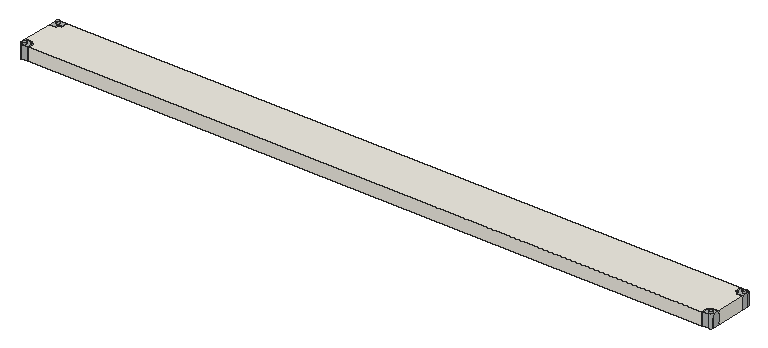
Revit family "HIGHTECH", category Осветительные приборы, Revit 2019 (continued)
Types (32, lengths in mm): name | Файл фотометрической сетки | built-in parameter 1150105 | Lumens | built-in parameter 1150106 | built-in parameter 1150142 | Wattage | Emit from Rectangle Width | Emit from Rectangle Length | Длина | Ширина | ADSK_Ток | ADSK_Полная мощность | ADSK_Обозначение | ADSK_Номинальная мощность | ADSK_Наименование | ADSK_Масса | ADSK_Код изделия
  Hightech-50/opal-sand 595х595 (IP40, 4000К, белый) | "Светильник HIGHTECH-50 OPAL-SAND-(595x595).IES" | 405.85 (stored number, unit not read) | 5100 lm | 4.0585 (stored number, unit not read) | "IESNA:LM-63-95\r\n[TEST] Протокол № 50-14\r\n[DATA] 15.06.2016\r\n[MORE] \r\n[MANUFAC] ЗАО \"Центрстройсвет\"\r\n[LUMCAT]  Светильник HIGHTECH-50/OPAL-SAND-(595x595)\r\n[LUMINAIRE]\r\n[LAMPCAT] Светодиоды\r\n[LAMP] Поток источника света (светодиодов) не известен\r\n[MORE] КСС приведена в абсолютных величинах кд\r\n[MORE] Вместо потока лампы, указан поток светильника.\r\nTILT=NONE\r\n1    5060 1.0 37 73 1 2 0.595 0.595 0.04\r\n1.0 1.0 50.3\r\n0.0 5.0 10.0 15.0 20.0 25.0 30.0 35.0 40.0 45.0 50.0 55.0 60.0 65.0 70.0 75.0 80.0 85.0 90.0 95.0 100.0 105.0 110.0 115.0 120.0 125.0 130.0 135.0 140.0 145.0 150.0 155.0 160.0 165.0 170.0 175.0 180.0\r\n0.0 5.0 10.0 15.0 20.0 25.0 30.0 35.0 40.0 45.0 50.0 55.0 60.0 65.0 70.0 75.0 80.0 85.0 90.0 95.0 100.0 105.0 110.0 115.0 120.0 125.0 130.0 135.0 140.0 145.0 150.0 155.0 160.0 165.0 170.0 175.0 180.0 185.0 190.0 195.0 200.0 205.0 210.0 215.0 220.0 225.0 230.0 235.0 240.0 245.0 250.0 255.0 260.0 265.0 270.0 275.0 280.0 285.0 290.0 295.0 300.0 305.0 310.0 315.0 320.0 325.0 330.0 335.0 340.0 345.0 350.0 355.0 360.0\r\n1887.5 1882.3 1843.4 1792.0 1724.0 1631.5 1531.1 1419.3 1293.7 1161.5 1026.7 886.8 740.0 595.0 455.2 319.9 194.6 81.1 4.9 0.0 0.0 0.0 0.0 0.0 0.0 0.0 0.0 0.0 0.0 0.0 0.0 0.0 0.0 0.0 0.0 0.0 0.0\r\n1887.5 1882.9 1846.0 1797.8 1725.1 1630.8 1538.9 1418.0 1289.1 1162.9 1024.5 883.4 740.5 598.7 455.8 320.4 195.7 82.0 5.0 0.0 0.0 0.0 0.0 0.0 0.0 0.0 0.0 0.0 0.0 0.0 0.0 0.0 0.0 0.0 0.0 0.0 0.0\r\n1887.5 1884.1 1849.8 1793.9 1724.1 1633.5 1538.1 1421.4 1298.2 1165.1 1027.4 885.2 742.6 599.8 457.4 322.3 197.1 83.7 5.4 0.0 0.0 0.0 0.0 0.0 0.0 0.0 0.0 0.0 0.0 0.0 0.0 0.0 0.0 0.0 0.0 0.0 0.0\r\n1887.5 1885.6 1850.0 1796.3 1725.8 1632.2 1533.7 1422.0 1295.8 1167.8 1030.8 886.1 743.6 597.9 459.5 322.2 196.9 83.7 5.4 0.0 0.0 0.0 0.0 0.0 0.0 0.0 0.0 0.0 0.0 0.0 0.0 0.0 0.0 0.0 0.0 0.0 0.0\r\n1887.5 1886.5 1849.9 1795.8 1721.4 1639.6 1534.8 1418.0 1296.4 1168.3 1027.2 886.6 744.0 600.2 457.7 323.1 197.0 84.2 5.3 0.0 0.0 0.0 0.0 0.0 0.0 0.0 0.0 0.0 0.0 0.0 0.0 0.0 0.0 0.0 0.0 0.0 0.0\r\n1887.5 1885.6 1848.0 1795.1 1728.2 1636.1 1537.7 1424.4 1296.7 1163.9 1028.1 885.4 746.1 599.2 456.9 323.0 198.1 84.6 6.1 0.0 0.0 0.0 0.0 0.0 0.0 0.0 0.0 0.0 0.0 0.0 0.0 0.0 0.0 0.0 0.0 0.0 0.0\r\n1887.5 1884.2 1849.8 1792.9 1722.3 1637.3 1537.3 1423.8 1299.0 1162.9 1028.1 889.2 746.4 599.2 458.6 325.2 198.7 85.0 6.5 0.0 0.0 0.0 0.0 0.0 0.0 0.0 0.0 0.0 0.0 0.0 0.0 0.0 0.0 0.0 0.0 0.0 0.0\r\n1887.5 1884.0 1850.9 1800.1 1725.4 1633.0 1534.3 1421.2 1294.0 1160.9 1028.3 886.0 747.4 600.7 459.7 325.6 199.2 86.0 6.2 0.0 0.0 0.0 0.0 0.0 0.0 0.0 0.0 0.0 0.0 0.0 0.0 0.0 0.0 0.0 0.0 0.0 0.0\r\n1887.5 1884.0 1850.4 1799.2 1722.9 1634.9 1528.6 1423.0 1298.2 1162.3 1032.0 888.7 743.9 600.7 461.8 326.2 199.2 86.6 6.1 0.0 0.0 0.0 0.0 0.0 0.0 0.0 0.0 0.0 0.0 0.0 0.0 0.0 0.0 0.0 0.0 0.0 0.0\r\n1887.5 1883.3 1848.8 1801.0 1723.6 1638.0 1538.5 1425.1 1297.5 1166.1 1029.5 886.1 746.3 605.4 461.8 326.3 201.2 87.0 6.2 0.0 0.0 0.0 0.0 0.0 0.0 0.0 0.0 0.0 0.0 0.0 0.0 0.0 0.0 0.0 0.0 0.0 0.0\r\n1887.5 1883.3 1850.6 1797.3 1725.8 1637.1 1533.1 1417.5 1298.3 1167.1 1027.2 888.0 746.2 603.2 463.6 327.0 201.7 88.1 6.5 0.0 0.0 0.0 0.0 0.0 0.0 0.0 0.0 0.0 0.0 0.0 0.0 0.0 0.0 0.0 0.0 0.0 0.0\r\n1887.5 1883.7 1849.0 1797.7 1720.9 1638.5 1535.3 1424.4 1299.6 1168.5 1035.4 889.6 749.8 603.4 465.3 328.4 201.8 88.8 7.0 0.0 0.0 0.0 0.0 0.0 0.0 0.0 0.0 0.0 0.0 0.0 0.0 0.0 0.0 0.0 0.0 0.0 0.0\r\n1887.5 1883.1 1852.7 1797.3 1728.6 1639.3 1538.4 1423.7 1303.2 1168.1 1029.2 892.4 748.1 605.8 464.0 329.6 202.9 89.8 7.0 0.0 0.0 0.0 0.0 0.0 0.0 0.0 0.0 0.0 0.0 0.0 0.0 0.0 0.0 0.0 0.0 0.0 0.0\r\n1887.5 1881.9 1853.7 1798.9 1724.8 1637.5 1543.5 1423.8 1299.9 1170.3 1024.3 891.2 751.8 607.8 466.0 330.6 204.5 90.0 7.3 0.0 0.0 0.0 0.0 0.0 0.0 0.0 0.0 0.0 0.0 0.0 0.0 0.0 0.0 0.0 0.0 0.0 0.0\r\n1887.5 1881.8 1854.7 1797.4 1729.6 1638.4 1538.7 1420.0 1302.3 1168.1 1034.9 892.9 749.2 609.3 467.3 330.5 205.3 90.4 7.7 0.0 0.0 0.0 0.0 0.0 0.0 0.0 0.0 0.0 0.0 0.0 0.0 0.0 0.0 0.0 0.0 0.0 0.0\r\n1887.5 1882.8 1852.5 1798.1 1725.4 1641.5 1535.9 1424.2 1305.0 1168.3 1036.9 895.1 752.7 610.0 468.0 330.8 206.4 91.1 7.9 0.0 0.0 0.0 0.0 0.0 0.0 0.0 0.0 0.0 0.0 0.0 0.0 0.0 0.0 0.0 0.0 0.0 0.0\r\n1887.5 1883.6 1853.4 1797.0 1722.9 1639.1 1537.8 1429.0 1302.2 1172.5 1035.6 896.5 751.3 608.9 469.2 331.4 207.3 92.2 8.2 0.0 0.0 0.0 0.0 0.0 0.0 0.0 0.0 0.0 0.0 0.0 0.0 0.0 0.0 0.0 0.0 0.0 0.0\r\n1887.5 1883.6 1850.7 1797.3 1726.9 1643.9 1542.2 1421.1 1302.3 1173.9 1036.7 893.3 752.7 610.7 470.3 331.8 207.5 92.8 8.4 0.0 0.0 0.0 0.0 0.0 0.0 0.0 0.0 0.0 0.0 0.0 0.0 0.0 0.0 0.0 0.0 0.0 0.0\r\n1887.5 1883.8 1850.5 1796.3 1728.7 1637.1 1539.6 1426.0 1310.2 1175.1 1036.5 895.8 754.0 609.7 469.6 332.7 208.2 93.1 8.5 0.0 0.0 0.0 0.0 0.0 0.0 0.0 0.0 0.0 0.0 0.0 0.0 0.0 0.0 0.0 0.0 0.0 0.0\r\n1887.5 1884.5 1848.7 1798.4 1728.4 1643.0 1541.1 1424.4 1306.1 1175.6 1035.2 895.7 753.2 610.0 470.1 333.6 209.0 93.8 8.7 0.0 0.0 0.0 0.0 0.0 0.0 0.0 0.0 0.0 0.0 0.0 0.0 0.0 0.0 0.0 0.0 0.0 0.0\r\n1887.5 1885.1 1846.5 1798.1 1728.3 1640.7 1538.4 1422.5 1302.2 1173.0 1035.2 900.5 754.9 610.9 470.6 333.2 208.6 94.1 8.3 0.0 0.0 0.0 0.0 0.0 0.0 0.0 0.0 0.0 0.0 0.0 0.0 0.0 0.0 0.0 0.0 0.0 0.0\r\n1887.5 1884.8 1851.0 1798.1 1730.2 1643.2 1541.6 1426.4 1303.3 1176.2 1035.7 896.2 754.5 612.8 472.6 334.1 209.1 94.5 8.3 0.0 0.0 0.0 0.0 0.0 0.0 0.0 0.0 0.0 0.0 0.0 0.0 0.0 0.0 0.0 0.0 0.0 0.0\r\n1887.5 1884.2 1851.7 1798.5 1729.5 1639.1 1536.0 1425.2 1302.7 1175.5 1036.5 898.0 758.2 612.7 468.9 335.3 208.8 94.8 9.1 0.0 0.0 0.0 0.0 0.0 0.0 0.0 0.0 0.0 0.0 0.0 0.0 0.0 0.0 0.0 0.0 0.0 0.0\r\n1887.5 1883.1 1853.9 1797.7 1724.9 1639.7 1541.8 1430.1 1304.9 1168.5 1037.8 897.4 754.1 610.4 472.0 334.6 209.1 95.3 8.8 0.0 0.0 0.0 0.0 0.0 0.0 0.0 0.0 0.0 0.0 0.0 0.0 0.0 0.0 0.0 0.0 0.0 0.0\r\n1887.5 1881.5 1850.2 1795.2 1729.7 1647.3 1540.3 1425.3 1308.1 1174.1 1040.2 896.3 755.4 612.5 470.5 335.6 209.7 95.4 8.7 0.0 0.0 0.0 0.0 0.0 0.0 0.0 0.0 0.0 0.0 0.0 0.0 0.0 0.0 0.0 0.0 0.0 0.0\r\n1887.5 1880.4 1847.4 1795.8 1726.1 1638.7 1541.7 1429.3 1302.6 1175.9 1038.5 897.9 751.3 611.6 471.1 335.6 209.6 95.3 9.2 0.0 0.0 0.0 0.0 0.0 0.0 0.0 0.0 0.0 0.0 0.0 0.0 0.0 0.0 0.0 0.0 0.0 0.0\r\n1887.5 1880.0 1850.3 1797.1 1726.4 1643.3 1536.0 1421.3 1303.6 1171.4 1038.6 895.9 755.7 612.4 470.9 336.2 208.7 95.8 9.1 0.0 0.0 0.0 0.0 0.0 0.0 0.0 0.0 0.0 0.0 0.0 0.0 0.0 0.0 0.0 0.0 0.0 0.0\r\n1887.5 1879.1 1850.7 1799.2 1725.1 1639.6 1536.4 1428.4 1302.2 1172.1 1033.4 895.3 754.1 612.8 470.7 335.5 209.1 96.7 9.0 0.0 0.0 0.0 0.0 0.0 0.0 0.0 0.0 0.0 0.0 0.0 0.0 0.0 0.0 0.0 0.0 0.0 0.0\r\n1887.5 1876.9 1845.6 1794.8 1724.8 1637.8 1537.7 1427.7 1305.4 1174.0 1036.9 896.0 755.2 613.5 471.4 337.3 209.9 96.1 9.4 0.0 0.0 0.0 0.0 0.0 0.0 0.0 0.0 0.0 0.0 0.0 0.0 0.0 0.0 0.0 0.0 0.0 0.0\r\n1887.5 1874.8 1849.0 1796.1 1725.5 1644.7 1539.3 1422.3 1296.7 1172.6 1036.6 895.8 752.9 610.2 470.9 336.1 209.8 95.5 9.5 0.0 0.0 0.0 0.0 0.0 0.0 0.0 0.0 0.0 0.0 0.0 0.0 0.0 0.0 0.0 0.0 0.0 0.0\r\n1887.5 1874.3 1850.7 1796.1 1722.3 1643.7 1535.4 1426.2 1297.3 1169.2 1033.9 896.5 756.1 608.4 469.6 336.8 208.8 95.7 9.0 0.0 0.0 0.0 0.0 0.0 0.0 0.0 0.0 0.0 0.0 0.0 0.0 0.0 0.0 0.0 0.0 0.0 0.0\r\n1887.5 1875.0 1847.6 1795.2 1726.0 1637.4 1538.8 1422.8 1302.3 1167.3 1031.4 892.2 753.9 609.3 470.2 335.4 209.4 95.6 9.2 0.0 0.0 0.0 0.0 0.0 0.0 0.0 0.0 0.0 0.0 0.0 0.0 0.0 0.0 0.0 0.0 0.0 0.0\r\n1887.5 1876.2 1846.7 1797.0 1722.9 1632.1 1531.8 1428.4 1297.9 1173.0 1032.8 893.5 750.3 609.2 468.7 334.5 208.8 95.2 9.5 0.0 0.0 0.0 0.0 0.0 0.0 0.0 0.0 0.0 0.0 0.0 0.0 0.0 0.0 0.0 0.0 0.0 0.0\r\n1887.5 1877.0 1845.0 1799.0 1728.3 1642.0 1532.1 1422.0 1297.5 1176.2 1034.8 896.4 752.7 609.9 470.0 333.7 209.6 95.2 9.1 0.0 0.0 0.0 0.0 0.0 0.0 0.0 0.0 0.0 0.0 0.0 0.0 0.0 0.0 0.0 0.0 0.0 0.0\r\n1887.5 1876.9 1842.6 1790.6 1724.9 1639.4 1536.1 1422.9 1304.1 1169.6 1035.5 895.3 751.4 609.1 469.0 332.6 209.1 95.1 9.2 0.0 0.0 0.0 0.0 0.0 0.0 0.0 0.0 0.0 0.0 0.0 0.0 0.0 0.0 0.0 0.0 0.0 0.0\r\n1887.5 1875.7 1845.4 1794.6 1719.6 1634.8 1535.6 1422.6 1301.8 1167.1 1036.6 892.0 752.3 605.8 469.0 332.7 209.1 93.9 9.3 0.0 0.0 0.0 0.0 0.0 0.0 0.0 0.0 0.0 0.0 0.0 0.0 0.0 0.0 0.0 0.0 0.0 0.0\r\n1887.5 1874.6 1846.6 1791.0 1719.4 1631.6 1534.3 1422.3 1303.5 1171.6 1032.3 893.0 750.0 606.5 467.5 330.0 206.4 92.9 8.4 0.0 0.0 0.0 0.0 0.0 0.0 0.0 0.0 0.0 0.0 0.0 0.0 0.0 0.0 0.0 0.0 0.0 0.0\r\n1887.5 1874.0 1843.1 1789.6 1720.6 1639.4 1534.3 1424.0 1300.8 1168.1 1030.2 892.1 748.2 609.2 467.1 330.4 206.0 92.1 7.9 0.0 0.0 0.0 0.0 0.0 0.0 0.0 0.0 0.0 0.0 0.0 0.0 0.0 0.0 0.0 0.0 0.0 0.0\r\n1887.5 1873.5 1842.4 1792.6 1720.8 1633.5 1535.7 1423.0 1296.8 1165.4 1028.6 890.9 749.2 606.9 466.1 329.8 204.3 90.7 7.8 0.0 0.0 0.0 0.0 0.0 0.0 0.0 0.0 0.0 0.0 0.0 0.0 0.0 0.0 0.0 0.0 0.0 0.0\r\n1887.5 1872.5 1843.5 1792.8 1719.4 1633.2 1530.8 1420.9 1295.9 1169.4 1030.4 892.0 748.4 604.3 464.0 329.4 203.7 91.1 7.3 0.0 0.0 0.0 0.0 0.0 0.0 0.0 0.0 0.0 0.0 0.0 0.0 0.0 0.0 0.0 0.0 0.0 0.0\r\n1887.5 1871.5 1840.6 1788.3 1723.9 1633.4 1533.4 1417.1 1296.6 1165.6 1026.8 888.1 749.6 603.5 465.6 328.3 203.4 90.8 6.9 0.0 0.0 0.0 0.0 0.0 0.0 0.0 0.0 0.0 0.0 0.0 0.0 0.0 0.0 0.0 0.0 0.0 0.0\r\n1887.5 1871.7 1837.5 1793.8 1715.8 1634.9 1538.0 1424.6 1298.1 1167.0 1028.0 888.7 747.9 603.5 465.2 327.9 201.8 90.2 7.0 0.0 0.0 0.0 0.0 0.0 0.0 0.0 0.0 0.0 0.0 0.0 0.0 0.0 0.0 0.0 0.0 0.0 0.0\r\n1887.5 1872.9 1840.2 1791.1 1722.4 1635.7 1532.7 1420.2 1295.0 1159.5 1029.1 888.4 746.9 600.5 462.3 328.7 201.0 90.1 6.9 0.0 0.0 0.0 0.0 0.0 0.0 0.0 0.0 0.0 0.0 0.0 0.0 0.0 0.0 0.0 0.0 0.0 0.0\r\n1887.5 1873.3 1840.5 1789.1 1721.5 1635.7 1530.6 1419.0 1297.0 1164.6 1027.8 889.2 744.1 604.1 463.3 327.1 201.1 89.2 6.4 0.0 0.0 0.0 0.0 0.0 0.0 0.0 0.0 0.0 0.0 0.0 0.0 0.0 0.0 0.0 0.0 0.0 0.0\r\n1887.5 1872.9 1835.7 1788.5 1722.3 1636.7 1534.0 1423.0 1296.7 1161.9 1026.4 886.9 745.3 601.5 461.8 326.2 200.5 88.4 6.3 0.0 0.0 0.0 0.0 0.0 0.0 0.0 0.0 0.0 0.0 0.0 0.0 0.0 0.0 0.0 0.0 0.0 0.0\r\n1887.5 1872.6 1838.3 1791.1 1724.9 1630.4 1531.8 1419.7 1295.3 1168.5 1027.5 880.9 745.5 601.1 461.5 326.5 199.4 87.5 6.3 0.0 0.0 0.0 0.0 0.0 0.0 0.0 0.0 0.0 0.0 0.0 0.0 0.0 0.0 0.0 0.0 0.0 0.0\r\n1887.5 1872.8 1840.3 1789.2 1719.5 1633.6 1532.6 1417.6 1294.5 1165.4 1020.8 885.7 745.3 602.2 460.4 324.3 199.3 87.3 6.1 0.0 0.0 0.0 0.1 0.2 0.0 0.0 0.0 0.0 0.0 0.0 0.0 0.0 0.0 0.0 0.0 0.0 0.0\r\n1887.5 1873.5 1838.6 1790.7 1722.3 1630.8 1530.5 1417.1 1295.0 1167.0 1025.9 884.6 740.9 599.5 459.4 323.2 199.3 86.7 5.7 0.0 0.0 0.0 0.2 0.4 0.0 0.0 0.0 0.0 0.0 0.0 0.0 0.0 0.0 0.0 0.0 0.0 0.0\r\n1887.5 1874.2 1837.3 1789.5 1719.1 1630.4 1533.5 1417.9 1293.0 1161.5 1026.6 886.5 743.5 600.4 460.1 323.6 198.7 86.1 5.9 0.0 0.0 0.0 0.4 0.6 0.0 0.0 0.0 0.0 0.0 0.0 0.0 0.0 0.0 0.0 0.0 0.0 0.0\r\n1887.5 1874.2 1840.2 1789.0 1715.5 1634.9 1530.0 1416.2 1292.8 1158.2 1025.3 884.7 740.5 599.4 458.3 323.4 197.9 85.3 5.9 0.0 0.0 0.0 0.4 0.9 0.0 0.0 0.0 0.0 0.1 0.0 0.0 0.0 0.0 0.0 0.0 0.0 0.0\r\n1887.5 1873.3 1839.1 1789.1 1718.1 1638.7 1537.0 1412.2 1291.9 1164.4 1026.0 883.3 742.8 598.7 456.7 321.5 197.8 84.6 5.7 0.0 0.0 0.0 0.2 0.8 0.0 0.0 0.0 0.0 0.1 0.0 0.0 0.0 0.0 0.0 0.0 0.0 0.0\r\n1887.5 1872.3 1839.4 1787.8 1714.0 1633.5 1527.1 1417.7 1293.5 1164.9 1025.5 883.9 738.3 599.4 457.0 320.6 197.3 83.5 5.9 0.0 0.0 0.0 0.0 0.1 0.2 0.0 0.0 0.0 0.1 0.0 0.0 0.0 0.0 0.0 0.0 0.0 0.0\r\n1887.5 1871.5 1840.6 1789.0 1716.8 1627.7 1530.9 1417.4 1291.4 1158.2 1021.7 888.3 739.3 596.4 457.7 320.6 196.6 83.1 5.8 0.0 0.0 0.0 0.0 0.0 0.0 0.0 0.0 0.0 0.1 0.0 0.0 0.0 0.0 0.0 0.0 0.0 0.0\r\n1887.5 1871.2 1839.5 1788.7 1714.7 1630.8 1533.3 1417.2 1290.6 1154.1 1021.7 884.9 739.3 596.6 457.4 319.4 195.8 83.0 5.3 0.0 0.0 0.0 0.0 0.0 0.0 0.0 0.0 0.0 0.1 0.0 0.0 0.0 0.0 0.0 0.0 0.0 0.0\r\n1887.5 1871.6 1839.7 1787.9 1720.6 1630.8 1533.9 1416.2 1290.9 1158.9 1021.9 880.6 741.2 596.3 457.0 320.0 195.2 82.5 4.7 0.0 0.0 0.0 0.0 0.0 0.0 0.0 0.0 0.0 0.1 0.0 0.0 0.0 0.0 0.0 0.0 0.0 0.0\r\n1887.5 1872.3 1838.1 1789.3 1712.9 1625.9 1525.4 1417.2 1291.8 1157.6 1020.0 883.4 740.0 594.9 454.8 318.6 194.2 81.9 4.7 0.0 0.0 0.0 0.0 0.0 0.0 0.0 0.0 0.0 0.1 0.0 0.0 0.0 0.0 0.0 0.0 0.0 0.0\r\n1887.5 1872.7 1839.6 1789.3 1718.6 1629.9 1525.5 1419.8 1293.5 1154.0 1020.1 878.8 736.9 593.7 456.1 318.4 193.6 81.4 4.3 0.0 0.0 0.0 0.0 0.0 0.0 0.0 0.0 0.0 0.1 0.0 0.0 0.0 0.0 0.0 0.0 0.0 0.0\r\n1887.5 1873.0 1840.9 1790.2 1716.4 1630.3 1526.9 1414.6 1285.9 1157.6 1025.3 882.6 736.3 594.0 453.5 317.4 193.8 80.8 3.8 0.0 0.0 0.0 0.0 0.0 0.0 0.0 0.0 0.0 0.1 0.0 0.0 0.0 0.0 0.0 0.0 0.0 0.0\r\n1887.5 1873.5 1841.2 1787.5 1718.4 1634.0 1528.6 1409.6 1285.8 1155.5 1025.3 876.4 735.1 594.3 453.7 316.4 192.5 80.5 4.0 0.0 0.0 0.0 0.0 0.0 0.0 0.0 0.0 0.0 0.1 0.0 0.0 0.0 0.0 0.0 0.0 0.0 0.0\r\n1887.5 1873.9 1841.6 1790.0 1717.7 1629.1 1528.0 1409.8 1288.0 1151.6 1019.8 875.9 736.5 592.3 451.8 318.0 191.7 80.2 4.0 0.0 0.0 0.0 0.0 0.0 0.0 0.0 0.0 0.0 0.0 0.0 0.0 0.0 0.0 0.0 0.0 0.0 0.0\r\n1887.5 1874.1 1841.0 1789.7 1717.2 1630.1 1529.9 1419.7 1290.4 1156.3 1022.8 880.3 733.7 593.5 452.4 316.0 191.3 79.4 3.9 0.0 0.0 0.0 0.0 0.0 0.0 0.0 0.0 0.0 0.0 0.0 0.0 0.0 0.0 0.0 0.0 0.0 0.0\r\n1887.5 1874.1 1840.2 1785.0 1714.5 1629.4 1527.7 1411.7 1290.1 1153.6 1017.8 879.3 733.8 592.9 451.3 315.7 191.7 79.2 4.4 0.0 0.0 0.0 0.0 0.0 0.0 0.0 0.0 0.0 0.0 0.0 0.0 0.0 0.0 0.0 0.0 0.0 0.0\r\n1887.5 1873.8 1839.2 1790.0 1722.6 1631.3 1526.9 1414.1 1288.6 1158.0 1021.7 880.4 735.8 589.7 453.5 315.5 191.2 78.9 4.5 0.0 0.0 0.0 0.0 0.0 0.0 0.0 0.0 0.0 0.0 0.0 0.0 0.0 0.0 0.0 0.0 0.0 0.0\r\n1887.5 1874.4 1838.4 1789.0 1718.1 1628.9 1522.6 1413.3 1284.8 1161.1 1020.5 878.5 734.8 593.7 450.4 316.4 190.5 79.1 4.3 0.0 0.0 0.0 0.0 0.0 0.0 0.0 0.0 0.0 0.0 0.0 0.0 0.0 0.0 0.0 0.0 0.0 0.0\r\n1887.5 1876.6 1839.3 1788.5 1718.4 1632.2 1524.7 1416.3 1290.0 1154.1 1020.6 876.5 736.6 594.2 448.6 316.5 189.8 78.5 4.1 0.0 0.0 0.0 0.0 0.0 0.0 0.0 0.0 0.0 0.0 0.0 0.0 0.0 0.0 0.0 0.0 0.0 0.0\r\n1887.5 1878.7 1842.1 1786.9 1714.7 1629.1 1527.4 1410.5 1293.4 1160.9 1018.3 878.4 735.0 594.0 451.4 313.5 190.7 78.3 3.7 0.0 0.0 0.0 0.0 0.0 0.0 0.0 0.0 0.0 0.0 0.0 0.0 0.0 0.0 0.0 0.0 0.0 0.0\r\n1887.5 1879.5 1841.9 1788.6 1717.1 1632.6 1529.5 1414.0 1286.1 1155.2 1023.1 878.2 734.9 591.7 452.9 315.4 190.4 78.3 3.4 0.0 0.0 0.0 0.0 0.0 0.0 0.0 0.0 0.0 0.0 0.0 0.0 0.0 0.0 0.0 0.0 0.0 0.0\r\n1887.5 1879.6 1839.7 1792.9 1715.8 1629.7 1529.6 1414.5 1293.2 1154.7 1019.1 880.1 734.7 589.5 450.3 315.4 190.2 78.5 3.7 0.0 0.0 0.0 0.0 0.0 0.0 0.0 0.0 0.0 0.0 0.0 0.0 0.0 0.0 0.0 0.0 0.0 0.0\r\n1887.5 1880.2 1841.8 1793.1 1721.7 1625.7 1529.1 1413.3 1291.5 1156.5 1017.9 882.6 737.0 593.8 452.9 315.8 189.7 78.7 3.6 0.0 0.0 0.0 0.0 0.0 0.0 0.0 0.0 0.0 0.0 0.0 0.0 0.0 0.0 0.0 0.0 0.0 0.0\r\n1887.5 1881.1 1842.4 1785.9 1716.3 1632.5 1528.4 1410.2 1289.5 1156.3 1018.9 875.2 736.4 595.3 452.5 315.3 191.0 79.0 3.5 0.0 0.0 0.0 0.0 0.0 0.0 0.0 0.0 0.0 0.0 0.0 0.0 0.0 0.0 0.0 0.0 0.0 0.0\r\n1887.5 1881.7 1845.0 1794.4 1714.9 1633.8 1528.0 1412.9 1290.1 1152.0 1023.1 875.3 736.1 593.0 453.1 316.0 191.8 79.6 3.9 0.0 0.0 0.0 0.0 0.0 0.0 0.0 0.0 0.0 0.0 0.0 0.0 0.0 0.0 0.0 0.0 0.0 0.0\r\n1887.5 1882.0 1844.3 1789.1 1721.3 1636.2 1528.4 1415.3 1289.9 1160.9 1019.9 882.0 736.6 593.6 453.1 317.2 192.7 80.3 4.5 0.0 0.0 0.0 0.0 0.0 0.0 0.0 0.0 0.0 0.0 0.0 0.0 0.0 0.0 0.0 0.0 0.0 0.0\r\n1887.5 1882.3 1843.4 1792.0 1724.0 1631.5 1531.1 1419.3 1293.7 1161.5 1026.7 886.8 740.0 595.0 455.2 319.9 194.6 81.1 4.9 0.0 0.0 0.0 0.0 0.0 0.0 0.0 0.0 0.0 0.0 0.0 0.0 0.0 0.0 0.0 0.0 0.0 0.0\r\n" | 34.3337 W | 555 | 555 | 595 | 595 | 0.236295 A | 54.3478 VA | "Hightech-50/opal-sand 595х595 (IP40, 4000К, белый)" | 50 W | "Универсальный светодиодный светильник 
    Hightech-50/opal-sand 595х595 (IP40, 4000К, белый)" | 2.5 | "ЦБ000007370"
